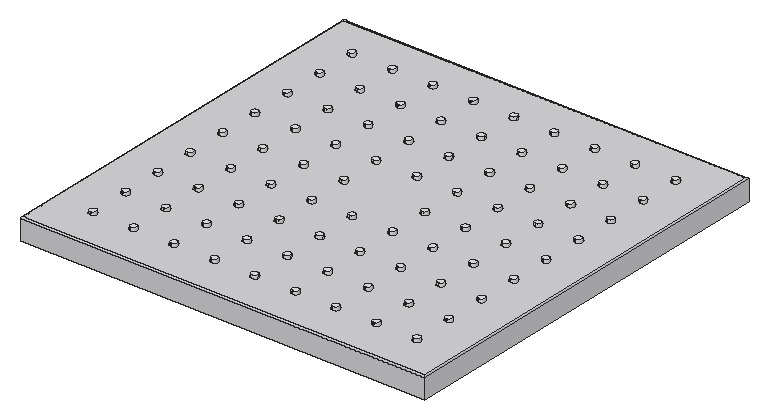
Revit family "Shower-Rainhead-KOHLER-KATALYST-K-13695X", category Plumbing Fixtures, host Face, Revit 2017
Family settings
  Host = Face
  Round Connector Dimension = Use Diameter
  Part Type = Normal
  OmniClass Number = 23.31.17.00
  Cut with Voids When Loaded = No
  Shared = No
  Room Calculation Point = No
Parameters (values of type "CP-Polished Chrome")
  Width = 7 127/128"  # constant formula
  WaterSense Certified = 1 = 0  # no
  Waste Water Outlet = "Waste Water Outlet"  # constant formula
  Waste Connection = 1 = 0  # no
  Vent Connection = 1 = 0  # no
  URL = "https://www.kohler.co.th/en"
  Type = 1
  Tempered Water Inlet = "Tempered Water Inlet"  # constant formula
  Product Page URL = "https://www.kohler.co.th/productDetails/13695X?skuid=13695X-CP"
  Product Name = "Katalyst"  # constant formula
  Product Documentation Link = "http://resources.kohler.com/plumbing/kohlerapac/pdf/X2-K-13695X-CP.pdf"
  Pressure = 72.519 psi  # constant formula
  Panel Thickness = 0"
  Model = "K-13695X-CP"  # constant formula
  Material = "Brass Construction"  # constant formula
  Master Format 2014 Name = "Residential Showers"  # constant formula
  Master Format 2014 = "22 42 23"  # constant formula
  Manufacturer Address = "16th Floor, Jasmine City Building 2, Soi Sukhumvit 23, Sukhumvit Road, Khlong Toei Nuea, Watthana, Bangkok 10110"  # constant formula
  Manufacturer = "KOHLER Co."  # constant formula
  Length = 7 127/128"  # constant formula
  Hot Water Inlet = "Hot Water Inlet"  # constant formula
  Height = 2 143/256"  # constant formula
  HW Connection = 1 = 1  # yes
  Flow Rate = 0 GPM
  Finish = Kohler-Metal-CP-Polished_Chrome
  Environmental Product Declaration = ""
  Drain Included = 1 = 0  # no
  Description = "Catalina shower, 8inch square shape"  # constant formula
  Default Elevation = 0"
  Declare Label = ""
  Date Modified = "07/24/2020"  # constant formula
  Date Created = "07/24/2020"  # constant formula
  Copyright = "Copyright KOHLER Co."  # constant formula
  Contact Us = "https://www.kohler.co.th/en/contact-us"
  Cold Water Inlet = "Cold Water Inlet"  # constant formula
  CW Connection = 1 = 0  # no
  Assembly Code = "D2010700"
  ADA Compliant = 1 = 0  # no
Reference planes (in)
  plane 1 "Center (Front/Back)": y = 0
  plane 2: z = 0
  plane 3 "Center (Left/Right)": x = 0
  plane 4: x = -3.996063
  plane 5: x = -0.7185038
  plane 6: x = -0.4949999
  plane 7: x = 3.9961245
  plane 8: x = 0.7185038
  plane 9: x = 0.4949999
  plane 10: y = 3.996063
  plane 11: y = 0.7185038
  plane 12: y = 0.4949999
  plane 13: y = -3.9961245
  plane 14: y = -0.7185038
  plane 15: y = -0.4949999
  plane 16: z = 2.5585937
  plane 17: z = 1.2065354
  plane 18: z = 2.0766145
Dimensions and locks (in)
  "Width": plane 4 to plane 7
  "Length": plane 10 to plane 13
  "Height": level to plane 16
  aligned and locked: plane 2 to host face
  aligned and locked: level to host face
  aligned and locked: plane 3 "Center (Left/Right)" to nested 1
  aligned and locked: plane 1 "Center (Front/Back)" to nested 1
Automatic sketch dimensions
  host sketch curve to host sketch curve = 96"  (x2)
Nested families (in)
  nested 1: "K-13695X" at (0, 0, 0), type "K-13695X"
Connectors (in)
  piping at (0, 0, 0), diameter 0.5, driven by "Flow Rate", driven by "Pressure", driven by "HW Connection", driven by "Tempered Water Inlet"
    settings: on nested 1, index 1, connector inside diameter 24", connector length 0", flow factor 0, pipe flow 0 GPM, pressure drop 72.519 psi, fitting loss kfactor 0, connector angle 0.00°, fixture units 0, engagement length 0", angle of deflection 0.00°, flow configuration 0, flow direction 1, fitting loss method 4, system type 19, joint type 0, gender type 0, connector reference index -1, connector utility 1, adjustable connector no, is connector primary yes, connector description "Tempered Water Inlet"
Definition of nested family "K-13695X"
  Parameters (values of type "K-13695X")
    Material = none
  Reference planes (in)
    plane 1 "Center (Front/Back)": y = 0
    plane 2: z = 0
    plane 3 "Center (Left/Right)": x = 0
    plane 4: x = -3.996063
    plane 5: x = 3.996063
    plane 6: y = 3.996063
    plane 7: y = -3.996063
    plane 8: z = 2.5590551
    plane 9: z = 1.2065354
    plane 10: y = 0.4949999
    plane 11: y = -0.4949999
    plane 12: x = 0.4949999
    plane 13: x = -0.4949999
    plane 14: x = -0.7185038
    plane 15: x = 0.7185038
    plane 16: y = 0.7185038
    plane 17: y = -0.7185038
  Forms (in)
    Revolve 1, solid, material <- "Material", detail levels medium+fine
      sketch origin (0, 0, 0) x (0, 1, 0) y (0, 0, 1)
        loop
          line (0, 2.091672) -> (-0.7185038, 2.091672) -> (-0.7185038, 1.2065354) -> (-0.4441532, 1.2065354)
          arc (-0.4441532, 1.2065354) -> (-0.3955146, 1.1396082) -> (-0.3359782, 1.0821591) r 0.4739368
          arc (-0.3359782, 1.0821591) -> (-0.3108609, 1.0181229) -> (-0.3530283, 0.9637774) r 0.0696027
          arc (-0.3530283, 0.9637774) -> (-0.4562491, 0.8788874) -> (-0.495, 0.7509843) r 0.2304574
          line (-0.495, 0.7509843) -> (-0.495, 0.0228765)
          arc (-0.495, 0.0228765) -> (-0.4882996, 0.0067004) -> (-0.4721235, 0) r 0.0228765
          line (-0.4721235, 0) -> (0, 0) -> (0, 2.091672)
        axis (0, 2.091672) -> (0, 0)
      angle from 0 to 360
    Extrusion 2, void
      sketch origin (0, 0, 0) x (0, 1, 0) y (0, 0, 1)
        loop
          line (0.1949037, 0.1843319) -> (0.1949039, 0.7408901)
          arc (0.1949039, 0.7408901) -> (0.1767799, 0.8058173) -> (0.1276484, 0.8519706) r 0.125359
          arc (0.1276484, 0.8519706) -> (0.0657231, 0.8753822) -> (0, 0.8833394) r 0.2754029
          arc (0, 0.8833394) -> (-0.064471, 0.8756868) -> (-0.1253591, 0.8531545) r 0.2754029
          arc (-0.1253591, 0.8531545) -> (-0.1746555, 0.8074934) -> (-0.192873, 0.7428158) r 0.1239207
          line (-0.192873, 0.7428158) -> (-0.192873, 0.183977)
          arc (-0.192873, 0.183977) -> (-0.1881789, 0.1687875) -> (-0.1757333, 0.1588947) r 0.0269227
          arc (-0.1757333, 0.1588947) -> (0.0010312, 0.125715) -> (0.1777427, 0.1591755) r 0.4853916
          arc (0.1777427, 0.1591755) -> (0.1902049, 0.1691057) -> (0.1949037, 0.1843319) r 0.027019
      from 0.4464726 to 0.5295908
    Extrusion 3, void
      sketch origin (0, 0, 0) x (0, 1, 0) y (0, 0, -1)
        loop
          arc (0.1949037, -0.1843319) -> (0.1902049, -0.1691057) -> (0.1777427, -0.1591755) r 0.027019
          arc (0.1777427, -0.1591755) -> (0.0010312, -0.125715) -> (-0.1757333, -0.1588947) r 0.4853916
          arc (-0.1757333, -0.1588947) -> (-0.1881789, -0.1687875) -> (-0.192873, -0.183977) r 0.0269227
          line (-0.192873, -0.183977) -> (-0.192873, -0.7428158)
          arc (-0.192873, -0.7428158) -> (-0.1746555, -0.8074934) -> (-0.1253591, -0.8531545) r 0.1239207
          arc (-0.1253591, -0.8531545) -> (-0.064471, -0.8756868) -> (0, -0.8833394) r 0.2754029
          arc (0, -0.8833394) -> (0.0657231, -0.8753822) -> (0.1276484, -0.8519706) r 0.2754029
          arc (0.1276484, -0.8519706) -> (0.1767799, -0.8058173) -> (0.1949039, -0.7408901) r 0.125359
          line (0.1949039, -0.7408901) -> (0.1949037, -0.1843319)
      from 0.4464726 to 0.5295908
    Extrusion 4, void
      sketch origin (0, 0, 0) x (1, 0, 0) y (0, 0, 1)
        loop
          line (-0.2038614, 1.6789764) -> (-0.2038614, 1.1948167) -> (0.2038614, 1.1948167) -> (0.2038614, 1.6789764) -> (-0.2038614, 1.6789764)
      from 0.6889764 to 0.7565506
    Extrusion 5, void
      sketch origin (0, 0, 0) x (1, 0, 0) y (0, 0, -1)
        loop
          line (-0.2038614, -1.6789764) -> (0.2038614, -1.6789764) -> (0.2038614, -1.1948167) -> (-0.2038614, -1.1948167) -> (-0.2038614, -1.6789764)
      from 0.6889764 to 0.7565506
    Sweep 6, solid, material <- "Material", detail levels medium+fine
      path origin (0, 0, 0) x (1, 0, 0) y (0, 1, 0)
        loop
          line (-4, 4) -> (-4, -4) -> (4, -4) -> (4, 4) -> (-4, 4)
      profile origin (-4, 0, 0) x (1, 0, 0) y (0, 0, 1)
        loop
          arc (0.03125, 2.5098425) -> (0.0091529, 2.5006896) -> (0, 2.4785925) r 0.03125
          line (0, 2.4785925) -> (0, 2.0833071) -> (0.3870368, 2.0833071) -> (0.3870368, 2.5098425) -> (0.03125, 2.5098425)
    Extrusion 7, solid, material <- "Material", detail levels medium+fine
      sketch origin (0, 0, 0) x (1, 0, 0) y (0, 1, 0)
        loop
          line (-3.6129632, -3.6129632) -> (3.6129632, -3.6129632) -> (3.6129632, 3.6129632) -> (-3.6129632, 3.6129632) -> (-3.6129632, -3.6129632)
      from 2.0833071 to 2.5098425
    Extrusion 8, void
      sketch origin (0, 0, 0) x (1, 0, 0) y (0, 1, 0)
        loop
          circle (0.8007813, 0) r 0.074277
        loop
          circle (1.6015625, 0) r 0.074277
        loop
          circle (2.4023438, 0) r 0.074277
        loop
          circle (3.203125, 0) r 0.074277
        loop
          circle (3.203125, -0.8007813) r 0.074277
        loop
          circle (2.4023438, -0.8007813) r 0.074277
        loop
          circle (1.6015625, -0.8007813) r 0.074277
        loop
          circle (0.8007813, -0.8007813) r 0.074277
        loop
          circle (0.8007813, -1.6015625) r 0.074277
        loop
          circle (1.6015625, -1.6015625) r 0.074277
        loop
          circle (2.4023438, -1.6015625) r 0.074277
        loop
          circle (3.203125, -1.6015625) r 0.074277
        loop
          circle (2.4023438, -2.4023438) r 0.074277
        loop
          circle (1.6015625, -2.4023438) r 0.074277
        loop
          circle (0.8007813, -2.4023438) r 0.074277
        loop
          circle (0.8007813, -3.203125) r 0.074277
        loop
          circle (1.6015625, -3.203125) r 0.074277
        loop
          circle (2.4023438, -3.203125) r 0.074277
        loop
          circle (3.203125, -3.203125) r 0.074277
        loop
          circle (3.203125, -2.4023438) r 0.074277
        loop
          circle (-3.203125, -0.8007813) r 0.074277
        loop
          circle (-2.4023437, -0.8007813) r 0.074277
        loop
          circle (-1.6015625, -0.8007813) r 0.074277
        loop
          circle (-0.8007812, -0.8007813) r 0.074277
        loop
          circle (-0.8007812, -1.6015625) r 0.074277
        loop
          circle (-1.6015625, -1.6015625) r 0.074277
        loop
          circle (-2.4023437, -1.6015625) r 0.074277
        loop
          circle (-3.203125, -1.6015625) r 0.074277
        loop
          circle (-2.4023437, -2.4023438) r 0.074277
        loop
          circle (-1.6015625, -2.4023438) r 0.074277
        loop
          circle (-0.8007812, -2.4023438) r 0.074277
        loop
          circle (-0.8007812, -3.203125) r 0.074277
        loop
          circle (-1.6015625, -3.203125) r 0.074277
        loop
          circle (-2.4023437, -3.203125) r 0.074277
        loop
          circle (-3.203125, -3.203125) r 0.074277
        loop
          circle (-3.203125, -2.4023438) r 0.074277
        loop
          circle (-3.203125, 0.8007812) r 0.074277
        loop
          circle (-2.4023437, 0.8007812) r 0.074277
        loop
          circle (-1.6015625, 0.8007812) r 0.074277
        loop
          circle (-0.8007812, 0.8007812) r 0.074277
        loop
          circle (-0.8007812, 1.6015625) r 0.074277
        loop
          circle (-1.6015625, 1.6015625) r 0.074277
        loop
          circle (-2.4023437, 1.6015625) r 0.074277
        loop
          circle (-3.203125, 1.6015625) r 0.074277
        loop
          circle (-2.4023437, 2.4023437) r 0.074277
        loop
          circle (-1.6015625, 2.4023437) r 0.074277
        loop
          circle (-0.8007812, 2.4023437) r 0.074277
        loop
          circle (-0.8007812, 3.203125) r 0.074277
        loop
          circle (-1.6015625, 3.203125) r 0.074277
        loop
          circle (-2.4023437, 3.203125) r 0.074277
        loop
          circle (-3.203125, 3.203125) r 0.074277
        loop
          circle (-3.203125, 2.4023437) r 0.074277
        loop
          circle (3.203125, 0.8007812) r 0.074277
        loop
          circle (2.4023438, 0.8007812) r 0.074277
        loop
          circle (1.6015625, 0.8007812) r 0.074277
        loop
          circle (0.8007813, 0.8007812) r 0.074277
        loop
          circle (0.8007813, 1.6015625) r 0.074277
        loop
          circle (1.6015625, 1.6015625) r 0.074277
        loop
          circle (2.4023438, 1.6015625) r 0.074277
        loop
          circle (3.203125, 1.6015625) r 0.074277
        loop
          circle (2.4023438, 2.4023437) r 0.074277
        loop
          circle (1.6015625, 2.4023437) r 0.074277
        loop
          circle (0.8007813, 2.4023437) r 0.074277
        loop
          circle (0.8007813, 3.203125) r 0.074277
        loop
          circle (1.6015625, 3.203125) r 0.074277
        loop
          circle (2.4023438, 3.203125) r 0.074277
        loop
          circle (3.203125, 3.203125) r 0.074277
        loop
          circle (3.203125, 2.4023437) r 0.074277
        loop
          circle (-0.8007813, 0) r 0.074277
        loop
          circle (-1.6015625, 0) r 0.074277
        loop
          circle (-2.4023438, 0) r 0.074277
        loop
          circle (-3.203125, 0) r 0.074277
        loop
          circle (0, 3.203125) r 0.074277
        loop
          circle (0, 2.4023437) r 0.074277
        loop
          circle (0, 1.6015625) r 0.074277
        loop
          circle (0, 0.8007812) r 0.074277
        loop
          circle (0, -3.203125) r 0.074277
        loop
          circle (0, -2.4023437) r 0.074277
        loop
          circle (0, -1.6015625) r 0.074277
        loop
          circle (0, -0.8007812) r 0.074277
      from 2.4041414 to 2.6800037
    Extrusion 9, solid, material <- "Material", detail levels coarse
      sketch origin (0, 0, 0) x (1, 0, 0) y (0, 1, 0)
        loop
          circle (0, 0) r 0.7262627
      from 0 to 2.2734646
    Extrusion 10, solid, material <- "Material", detail levels coarse
      sketch origin (0, 0, 0) x (1, 0, 0) y (0, 1, 0)
        loop
          line (-4, 4) -> (-4, -4) -> (4, -4) -> (4, 4) -> (-4, 4)
      from 2.0833071 to 2.5098425
    Extrusion 11, solid, detail levels medium+fine
      sketch origin (0, 0, 0) x (1, 0, 0) y (0, 1, 0)
        loop
          circle (-3.2, 3.1986313) r 0.0639382
        loop
          circle (-2.4, 3.1986313) r 0.0639382
        loop
          circle (-1.6, 3.1986313) r 0.0639382
        loop
          circle (-0.8, 3.1986313) r 0.0639382
        loop
          circle (0, 3.1986313) r 0.0643354
        loop
          circle (0.8, 3.1986313) r 0.0639382
        loop
          circle (1.6, 3.1986313) r 0.0639382
        loop
          circle (2.4, 3.1986313) r 0.0639382
        loop
          circle (3.2, 3.1986313) r 0.0639382
        loop
          circle (3.2, 2.3986313) r 0.0639382
        loop
          circle (2.4, 2.3986313) r 0.0639382
        loop
          circle (1.6, 2.3986313) r 0.0639382
        loop
          circle (0.8, 2.3986313) r 0.0639382
        loop
          circle (0, 2.3986313) r 0.0642809
        loop
          circle (-0.8, 2.3986313) r 0.0639382
        loop
          circle (-1.6, 2.3986313) r 0.0639382
        loop
          circle (-2.4, 2.3986313) r 0.0639382
        loop
          circle (-3.2, 2.3986313) r 0.0639382
        loop
          circle (-3.2, 1.5986313) r 0.0639382
        loop
          circle (-2.4, 1.5986313) r 0.0639382
        loop
          circle (-1.6, 1.5986313) r 0.0639382
        loop
          circle (-0.8, 1.5986313) r 0.0639382
        loop
          circle (0, 1.5986313) r 0.0640079
        loop
          circle (0.8, 1.5986313) r 0.0639382
        loop
          circle (1.6, 1.5986313) r 0.0639382
        loop
          circle (2.4, 1.5986313) r 0.0639382
        loop
          circle (3.2, 1.5986313) r 0.0639382
        loop
          circle (3.2, 0.7986313) r 0.0639382
        loop
          circle (2.4, 0.7986313) r 0.0639382
        loop
          circle (1.6, 0.7986313) r 0.0639382
        loop
          circle (1.6, 0.0013687) r 0.0639382
        loop
          circle (2.4, 0.0013687) r 0.0639382
        loop
          circle (3.2, 0.0013687) r 0.0639382
        loop
          circle (0.8, 0.7986313) r 0.0639382
        loop
          circle (0.8, 0.0013687) r 0.0639382
        loop
          circle (0, 0.7986313) r 0.0639382
        loop
          circle (-0.8, 0.0013687) r 0.0639382
        loop
          circle (-0.8, 0.7986313) r 0.0639382
        loop
          circle (-1.6, 0.0013687) r 0.0639382
        loop
          circle (-1.6, 0.7986313) r 0.0639382
        loop
          circle (-2.4, 0.7986313) r 0.0639382
        loop
          circle (-2.4, 0.0013687) r 0.0639382
        loop
          circle (-3.2, 0.7986313) r 0.0639382
        loop
          circle (-3.2, 0.0013687) r 0.0639382
        loop
          circle (-3.2, -3.1986313) r 0.0639382
        loop
          circle (-2.4, -3.1986313) r 0.0639382
        loop
          circle (-1.6, -3.1986313) r 0.0639382
        loop
          circle (-0.8, -3.1986313) r 0.0639382
        loop
          circle (0, -3.1986313) r 0.0643354
        loop
          circle (0.8, -3.1986313) r 0.0639382
        loop
          circle (1.6, -3.1986313) r 0.0639382
        loop
          circle (2.4, -3.1986313) r 0.0639382
        loop
          circle (3.2, -3.1986313) r 0.0639382
        loop
          circle (3.2, -2.3986313) r 0.0639382
        loop
          circle (2.4, -2.3986313) r 0.0639382
        loop
          circle (1.6, -2.3986313) r 0.0639382
        loop
          circle (0.8, -2.3986313) r 0.0639382
        loop
          circle (0, -2.3986313) r 0.0642809
        loop
          circle (-0.8, -2.3986313) r 0.0639382
        loop
          circle (-1.6, -2.3986313) r 0.0639382
        loop
          circle (-2.4, -2.3986313) r 0.0639382
        loop
          circle (-3.2, -2.3986313) r 0.0639382
        loop
          circle (-3.2, -1.5986313) r 0.0639382
        loop
          circle (-2.4, -1.5986313) r 0.0639382
        loop
          circle (-1.6, -1.5986313) r 0.0639382
        loop
          circle (-0.8, -1.5986313) r 0.0639382
        loop
          circle (0, -1.5986313) r 0.0640079
        loop
          circle (0.8, -1.5986313) r 0.0639382
        loop
          circle (1.6, -1.5986313) r 0.0639382
        loop
          circle (2.4, -1.5986313) r 0.0639382
        loop
          circle (3.2, -1.5986313) r 0.0639382
        loop
          circle (3.2, -0.7986313) r 0.0639382
        loop
          circle (2.4, -0.7986313) r 0.0639382
        loop
          circle (1.6, -0.7986313) r 0.0639382
        loop
          circle (0.8, -0.7986313) r 0.0639382
        loop
          circle (0, -0.7986313) r 0.0639382
        loop
          circle (-0.8, -0.7986313) r 0.0639382
        loop
          circle (-1.6, -0.7986313) r 0.0639382
        loop
          circle (-2.4, -0.7986313) r 0.0639382
        loop
          circle (-3.2, -0.7986313) r 0.0639382
      from 2.4041414 to 2.5590551
    Extrusion 12, solid, material <- "Material", detail levels medium+fine
      sketch origin (0, 0, 0) x (1, 0, 0) y (0, 1, 0)
        loop
          circle (0, 0) r 0.0385249
      from 0 to 0.0631716
  Cuts and joins
    Extrusion 2, Extrusion 3, Extrusion 4, Extrusion 5 cuts Revolve 1
    Extrusion 8 cuts Sweep 6
    Extrusion 8 cuts Extrusion 7
    joined: Revolve 1, Sweep 6, Extrusion 7
    joined: Extrusion 9, Extrusion 10
  Lines and regions (in)
    Masking region 1
      outline origin (0, 0, 0) x (1, 0, 0) y (0, 0, 1)
        loop
          line (-3.2639382, 2.5590551) -> (-3.2639382, 2.5090551) -> (-3.9704177, 2.5090551)
          arc (-3.9704177, 2.5090551) -> (-3.9852316, 2.5050787) -> (-3.996063, 2.4942184) r 0.0295823
          line (-3.996063, 2.4942184) -> (-3.996063, 2.0766142) -> (-0.7185038, 2.0766142) -> (-0.7185038, 1.2065354) -> (-0.4430805, 1.2065354)
          arc (-0.4430805, 1.2065354) -> (-0.4120195, 1.1599688) -> (-0.3747725, 1.118185) r 0.4007034
          arc (-0.3747725, 1.118185) -> (-0.3540085, 1.098382) -> (-0.3328092, 1.0790458) r 1.289815
          arc (-0.3328092, 1.0790458) -> (-0.3109609, 1.0176019) -> (-0.3509435, 0.966084) r 0.0679102
          arc (-0.3509435, 0.966084) -> (-0.4093364, 0.9304909) -> (-0.4558782, 0.8803865) r 0.24961
          line (-0.4558782, 0.8803865) -> (-0.4558782, 0.182729)
          arc (-0.4558782, 0.182729) -> (-0.4588651, 0.1673631) -> (-0.4673906, 0.1542349) r 0.0410189
          line (-0.4673906, 0.1542349) -> (-0.4950045, 0.1256399) -> (-0.4950045, 0.0225493)
          arc (-0.4950045, 0.0225493) -> (-0.4884, 0.0066045) -> (-0.4724552, 0) r 0.0225493
          line (-0.4724552, 0) -> (0.4724552, 0)
          arc (0.4724552, 0) -> (0.4884, 0.0066045) -> (0.4950045, 0.0225493) r 0.0225493
          line (0.4950045, 0.0225493) -> (0.4950045, 0.1256399) -> (0.4673906, 0.1542349)
          arc (0.4673906, 0.1542349) -> (0.4588651, 0.1673631) -> (0.4558782, 0.182729) r 0.0410189
          line (0.4558782, 0.182729) -> (0.4558782, 0.8803865)
          arc (0.4558782, 0.8803865) -> (0.4093364, 0.9304909) -> (0.3509435, 0.966084) r 0.24961
          arc (0.3509435, 0.966084) -> (0.3109609, 1.0176019) -> (0.3328092, 1.0790458) r 0.0679102
          arc (0.3328092, 1.0790458) -> (0.3540085, 1.098382) -> (0.3747725, 1.118185) r 1.289815
          arc (0.3747725, 1.118185) -> (0.4120195, 1.1599688) -> (0.4430805, 1.2065354) r 0.4007034
          line (0.4430805, 1.2065354) -> (0.7185038, 1.2065354) -> (0.7185038, 2.0766142) -> (3.996063, 2.0766142) -> (3.996063, 2.4942184)
          arc (3.996063, 2.4942184) -> (3.9852316, 2.5050787) -> (3.9704177, 2.5090551) r 0.0295823
          line (3.9704177, 2.5090551) -> (3.2639382, 2.5090551) -> (3.2639382, 2.5590551) -> (3.1360618, 2.5590551) -> (3.1360618, 2.5090551) -> (2.4639382, 2.5090551) -> (2.4639382, 2.5590551) -> (2.3360618, 2.5590551) -> (2.3360618, 2.5090551) -> (1.6639382, 2.5090551) -> (1.6639382, 2.5590551) -> (1.5360618, 2.5590551) -> (1.5360618, 2.5090551) -> (0.8639382, 2.5090551) -> (0.8639382, 2.5590551) -> (0.7360618, 2.5590551) -> (0.7360618, 2.5090551) -> (0.0639382, 2.5090551) -> (0.0639382, 2.5590551) -> (-0.0639382, 2.5590551) -> (-0.0639382, 2.5090551) -> (-0.7360618, 2.5090551) -> (-0.7360618, 2.5590551) -> (-0.8639382, 2.5590551) -> (-0.8639382, 2.5090551) -> (-1.5360618, 2.5090551) -> (-1.5360618, 2.5590551) -> (-1.6639382, 2.5590551) -> (-1.6639382, 2.5090551) -> (-2.3360618, 2.5090551) -> (-2.3360618, 2.5590551) -> (-2.4639382, 2.5590551) -> (-2.4639382, 2.5090551) -> (-3.1360618, 2.5090551) -> (-3.1360618, 2.5590551) -> (-3.2639382, 2.5590551)
    Masking region 2
      outline origin (0, 0, 0) x (0, 1, 0) y (0, 0, 1)
        loop
          line (3.2625695, 2.5590551) -> (3.134693, 2.5590551) -> (3.134693, 2.5090551) -> (2.8898292, 2.5090551) -> (2.4625695, 2.5090551) -> (2.4625695, 2.5590551) -> (2.334693, 2.5590551) -> (2.334693, 2.5090551) -> (1.6625695, 2.5090551) -> (1.6625695, 2.5590551) -> (1.534693, 2.5590551) -> (1.534693, 2.5090551) -> (0.8625695, 2.5090551) -> (0.8625695, 2.5590551) -> (0.734693, 2.5590551) -> (0.734693, 2.5090551) -> (0.065307, 2.5090551) -> (0.065307, 2.5590551) -> (-0.0625695, 2.5590551) -> (-0.0625695, 2.5090551) -> (-0.734693, 2.5090551) -> (-0.734693, 2.5590551) -> (-0.8625695, 2.5590551) -> (-0.8625695, 2.5090551) -> (-1.534693, 2.5090551) -> (-1.534693, 2.5590551) -> (-1.6625695, 2.5590551) -> (-1.6625695, 2.5090551) -> (-2.334693, 2.5090551) -> (-2.334693, 2.5590551) -> (-2.4625695, 2.5590551) -> (-2.4625695, 2.5090551) -> (-2.8898292, 2.5090551) -> (-3.134693, 2.5090551) -> (-3.134693, 2.5590551) -> (-3.2625695, 2.5590551) -> (-3.2625695, 2.5090551) -> (-3.9684791, 2.5090551)
          arc (-3.9684791, 2.5090551) -> (-3.9844906, 2.5046856) -> (-3.996063, 2.4927886) r 0.0315209
          line (-3.996063, 2.4927886) -> (-3.996063, 2.0766142) -> (-0.7185038, 2.0766142) -> (-0.7185038, 1.6789764) -> (-0.6874846, 1.6789764) -> (-0.6874846, 1.2065354) -> (-0.4441532, 1.2065354)
          arc (-0.4441532, 1.2065354) -> (-0.3965976, 1.1398247) -> (-0.3372189, 1.0833798) r 0.428653
          arc (-0.3372189, 1.0833798) -> (-0.3111412, 1.0188165) -> (-0.3539019, 0.963862) r 0.0697564
          arc (-0.3539019, 0.963862) -> (-0.456446, 0.8804392) -> (-0.4949999, 0.7539946) r 0.2266262
          line (-0.4949999, 0.7539946) -> (-0.4949999, 0.0233667)
          arc (-0.4949999, 0.0233667) -> (-0.488156, 0.0068439) -> (-0.4716332, 0) r 0.0233667
          line (-0.4716332, 0) -> (0.4716332, 0)
          arc (0.4716332, 0) -> (0.488156, 0.0068439) -> (0.4949999, 0.0233667) r 0.0233667
          line (0.4949999, 0.0233667) -> (0.4949999, 0.7539946)
          arc (0.4949999, 0.7539946) -> (0.456446, 0.8804392) -> (0.3539019, 0.963862) r 0.2266262
          arc (0.3539019, 0.963862) -> (0.3111412, 1.0188165) -> (0.3372189, 1.0833798) r 0.0697564
          arc (0.3372189, 1.0833798) -> (0.3965976, 1.1398247) -> (0.4441532, 1.2065354) r 0.428653
          line (0.4441532, 1.2065354) -> (0.6874846, 1.2065354) -> (0.6874846, 1.6789764) -> (0.7185038, 1.6789764) -> (0.7185038, 2.0766142) -> (3.996063, 2.0766142) -> (3.996063, 2.4927886)
          arc (3.996063, 2.4927886) -> (3.9844906, 2.5046856) -> (3.9684791, 2.5090551) r 0.0315209
          line (3.9684791, 2.5090551) -> (3.2625695, 2.5090551) -> (3.2625695, 2.5590551)
    Masking region 3
      outline origin (0, 0, 0) x (1, 0, 0) y (0, 1, 0)
        loop
          line (3.996063, 3.996063) -> (-3.996063, 3.996063) -> (-3.996063, -3.996063) -> (3.996063, -3.996063) -> (3.996063, 3.996063)
    symbolic lines, detail levels medium+fine
      curve 1: line (-0.203861, 0, 1.2065354) -> (-0.203861, 0, 1.6789764)
      curve 2: line (0.203861, 0, 1.6789764) -> (-0.203861, 0, 1.6789764)
      curve 3: line (0.203861, 0, 1.6789764) -> (0.203861, 0, 1.2065354)
      curve 4: line (-0.4441532, 0, 1.2065354) -> (0.4430805, 0, 1.2065354)
      curve 5: line (-3.2639382, 0, 2.5090549) -> (-3.1360618, 0, 2.5090549)
      curve 6: line (-2.4639382, 0, 2.5090549) -> (-2.3360618, 0, 2.5090549)
      curve 7: line (-1.6639382, 0, 2.5090549) -> (-1.5360618, 0, 2.5090549)
      curve 8: line (-0.8639382, 0, 2.5090549) -> (-0.7360618, 0, 2.5090549)
      curve 9: line (-0.0639382, 0, 2.5090549) -> (0.0639382, 0, 2.5090549)
      curve 10: line (0.7360618, 0, 2.5090549) -> (0.8639382, 0, 2.5090549)
      curve 11: line (1.5360618, 0, 2.5090549) -> (1.6639382, 0, 2.5090549)
      curve 12: line (2.3360618, 0, 2.5090549) -> (2.4639382, 0, 2.5090549)
      curve 13: line (3.1360618, 0, 2.5090549) -> (3.2639382, 0, 2.5090549)
      curve 14: line (0, 0.4441532, 1.2065354) -> (0, -0.4441532, 1.2065354)
      curve 15: arc (0, 0, 0.8833394) -> (0, 0.0657231, 0.8753822) -> (0, 0.1276484, 0.8519706) r 0.2754029
      curve 16: arc (0, 0.1276484, 0.8519706) -> (0, 0.1767799, 0.8058173) -> (0, 0.1949039, 0.7408901) r 0.125359
      curve 17: line (0, 0.1949037, 0.1843319) -> (0, 0.1949039, 0.7408901)
      curve 18: arc (0, 0.1949037, 0.1843319) -> (0, 0.1902049, 0.1691057) -> (0, 0.1777427, 0.1591755) r 0.027019
      curve 19: arc (0, -0.1757333, 0.1588947) -> (0, -0.1881789, 0.1687875) -> (0, -0.192873, 0.183977) r 0.0269227
      curve 20: line (0, -0.192873, 0.7428158) -> (0, -0.192873, 0.183977)
      curve 21: arc (0, -0.192873, 0.7428158) -> (0, -0.1746555, 0.8074934) -> (0, -0.1253591, 0.8531545) r 0.1239207
      curve 22: arc (0, -0.1253591, 0.8531545) -> (0, -0.064471, 0.8756868) -> (0, 0, 0.8833394) r 0.2754029
      curve 23: arc (0, 0.1777427, 0.1591755) -> (0, 0.0010312, 0.125715) -> (0, -0.1757333, 0.1588947) r 0.4853916
      curve 24: line (0, 3.2625695, 2.5090555) -> (0, 3.134693, 2.5090555)
      curve 25: line (0, 2.4625695, 2.5090555) -> (0, 2.334693, 2.5090555)
      curve 26: line (0, 1.6625695, 2.5090555) -> (0, 1.534693, 2.5090555)
      curve 27: line (0, 0.8625695, 2.5090555) -> (0, 0.734693, 2.5090555)
      curve 28: line (0, 0.065307, 2.5090555) -> (0, -0.0625695, 2.5090555)
      curve 29: line (0, -0.734693, 2.5090555) -> (0, -0.8625695, 2.5090555)
      curve 30: line (0, -1.534693, 2.5090555) -> (0, -1.6625695, 2.5090555)
      curve 31: line (0, -2.334693, 2.5090555) -> (0, -2.4625695, 2.5090555)
      curve 32: line (0, -3.134693, 2.5090555) -> (0, -3.2625695, 2.5090555)
      curve 33: line (0, 0.7185038, 2.0766145) -> (0, -0.7185038, 2.0766145)
      curve 34: line (-0.7185038, 0, 2.0766142) -> (0.7185038, 0, 2.0766142)
      curve 35: arc (-3.128848, 3.203125, 0) -> (-3.203125, 3.277402, 0) -> (-3.277402, 3.203125, 0) r 0.074277
      curve 36: arc (-3.277402, 3.203125, 0) -> (-3.203125, 3.128848, 0) -> (-3.128848, 3.203125, 0) r 0.074277
      curve 37: arc (-3.2, 3.2625695, 0) -> (-3.2639382, 3.1986313, 0) -> (-3.2, 3.134693, 0) r 0.0639382
      curve 38: arc (-3.2, 3.134693, 0) -> (-3.1360618, 3.1986313, 0) -> (-3.2, 3.2625695, 0) r 0.0639382
      curve 39: arc (-3.128848, 2.4023437, 0) -> (-3.203125, 2.4766208, 0) -> (-3.277402, 2.4023437, 0) r 0.074277
      curve 40: arc (-3.2, 2.4625695, 0) -> (-3.2639382, 2.3986313, 0) -> (-3.2, 2.334693, 0) r 0.0639382
      curve 41: arc (-3.2, 2.334693, 0) -> (-3.1360618, 2.3986313, 0) -> (-3.2, 2.4625695, 0) r 0.0639382
      curve 42: arc (-3.277402, 2.4023437, 0) -> (-3.203125, 2.3280667, 0) -> (-3.128848, 2.4023437, 0) r 0.074277
      curve 43: arc (-3.128848, 1.6015625, 0) -> (-3.203125, 1.6758395, 0) -> (-3.277402, 1.6015625, 0) r 0.074277
      curve 44: arc (-3.277402, 1.6015625, 0) -> (-3.203125, 1.5272855, 0) -> (-3.128848, 1.6015625, 0) r 0.074277
      curve 45: arc (-3.2, 1.6625695, 0) -> (-3.2639382, 1.5986313, 0) -> (-3.2, 1.534693, 0) r 0.0639382
      curve 46: arc (-3.2, 1.534693, 0) -> (-3.1360618, 1.5986313, 0) -> (-3.2, 1.6625695, 0) r 0.0639382
      curve 47: arc (-3.128848, 0.8007812, 0) -> (-3.203125, 0.8750583, 0) -> (-3.277402, 0.8007812, 0) r 0.074277
      curve 48: arc (-3.277402, 0.8007812, 0) -> (-3.203125, 0.7265042, 0) -> (-3.128848, 0.8007812, 0) r 0.074277
      curve 49: arc (-3.2, 0.8625695, 0) -> (-3.2639382, 0.7986313, 0) -> (-3.2, 0.734693, 0) r 0.0639382
      curve 50: arc (-3.2, 0.734693, 0) -> (-3.1360618, 0.7986313, 0) -> (-3.2, 0.8625695, 0) r 0.0639382
      curve 51: arc (-3.128848, 0, 0) -> (-3.203125, 0.074277, 0) -> (-3.277402, 0, 0) r 0.074277
      curve 52: arc (-3.277402, 0, 0) -> (-3.203125, -0.074277, 0) -> (-3.128848, 0, 0) r 0.074277
      curve 53: circle (-3.2, 0.0013687, 0) r 0.0639382 normal (0, 0, -1)
      curve 54: arc (-2.3280667, 2.4023437, 0) -> (-2.4023437, 2.4766208, 0) -> (-2.4766208, 2.4023437, 0) r 0.074277
      curve 55: arc (-2.4766208, 2.4023437, 0) -> (-2.4023437, 2.3280667, 0) -> (-2.3280667, 2.4023437, 0) r 0.074277
      curve 56: arc (-2.4, 2.4625695, 0) -> (-2.4639382, 2.3986313, 0) -> (-2.4, 2.334693, 0) r 0.0639382
      curve 57: arc (-2.4, 2.334693, 0) -> (-2.3360618, 2.3986313, 0) -> (-2.4, 2.4625695, 0) r 0.0639382
      curve 58: arc (-2.3280667, 1.6015625, 0) -> (-2.4023437, 1.6758395, 0) -> (-2.4766208, 1.6015625, 0) r 0.074277
      curve 59: arc (-2.4766208, 1.6015625, 0) -> (-2.4023437, 1.5272855, 0) -> (-2.3280667, 1.6015625, 0) r 0.074277
      curve 60: arc (-2.4, 1.6625695, 0) -> (-2.4639382, 1.5986313, 0) -> (-2.4, 1.534693, 0) r 0.0639382
      curve 61: arc (-2.4, 1.534693, 0) -> (-2.3360618, 1.5986313, 0) -> (-2.4, 1.6625695, 0) r 0.0639382
      curve 62: arc (-2.3280667, 0.8007812, 0) -> (-2.4023437, 0.8750583, 0) -> (-2.4766208, 0.8007812, 0) r 0.074277
      curve 63: arc (-2.4, 0.8625695, 0) -> (-2.4639382, 0.7986313, 0) -> (-2.4, 0.734693, 0) r 0.0639382
      curve 64: arc (-2.4, 0.734693, 0) -> (-2.3360618, 0.7986313, 0) -> (-2.4, 0.8625695, 0) r 0.0639382
      curve 65: arc (-2.4766208, 0.8007812, 0) -> (-2.4023437, 0.7265042, 0) -> (-2.3280667, 0.8007812, 0) r 0.074277
      curve 66: arc (-2.3280667, 0, 0) -> (-2.4023438, 0.074277, 0) -> (-2.4766208, 0, 0) r 0.074277
      curve 67: arc (-2.4766208, 0, 0) -> (-2.4023438, -0.074277, 0) -> (-2.3280667, 0, 0) r 0.074277
      curve 68: circle (-2.4, 0.0013687, 0) r 0.0639382 normal (0, 0, -1)
      curve 69: circle (-1.6, 0.0013687, 0) r 0.0639382 normal (0, 0, -1)
      curve 70: circle (-0.8, 0.0013687, 0) r 0.0639382 normal (0, 0, -1)
      curve 71: circle (0, 0.7986313, 0) r 0.0639382 normal (0, 0, -1)
      curve 72: circle (0, 3.1986313, 0) r 0.0643354 normal (0, 0, 1)
      curve 73: circle (0, 2.3986313, 0) r 0.0642809 normal (0, 0, 1)
      curve 74: circle (0, 1.5986313, 0) r 0.0640079 normal (0, 0, 1)
      curve 75: arc (-1.6758395, 0.8007812, 0) -> (-1.6015625, 0.7265042, 0) -> (-1.5272855, 0.8007812, 0) r 0.074277
      curve 76: arc (-1.5272855, 0.8007812, 0) -> (-1.6015625, 0.8750583, 0) -> (-1.6758395, 0.8007812, 0) r 0.074277
      curve 77: arc (-1.6, 0.734693, 0) -> (-1.5360618, 0.7986313, 0) -> (-1.6, 0.8625695, 0) r 0.0639382
      curve 78: arc (-1.6, 0.8625695, 0) -> (-1.6639382, 0.7986313, 0) -> (-1.6, 0.734693, 0) r 0.0639382
      curve 79: arc (-1.5272855, 1.6015625, 0) -> (-1.6015625, 1.6758395, 0) -> (-1.6758395, 1.6015625, 0) r 0.074277
      curve 80: arc (-1.6758395, 1.6015625, 0) -> (-1.6072274, 1.5275018, 0) -> (-1.5281496, 1.5902657, 0) r 0.074277
      curve 81: arc (-1.6, 1.534693, 0) -> (-1.5360618, 1.5986313, 0) -> (-1.6, 1.6625695, 0) r 0.0639382
      curve 82: arc (-1.6, 1.6625695, 0) -> (-1.6639382, 1.5986313, 0) -> (-1.6, 1.534693, 0) r 0.0639382
      curve 83: arc (-1.5272855, 2.4023437, 0) -> (-1.6015625, 2.4766208, 0) -> (-1.6758395, 2.4023437, 0) r 0.074277
      curve 84: arc (-1.6758395, 2.4023437, 0) -> (-1.6015625, 2.3280667, 0) -> (-1.5272855, 2.4023437, 0) r 0.074277
      curve 85: arc (-1.6, 2.334693, 0) -> (-1.5360618, 2.3986313, 0) -> (-1.6, 2.4625695, 0) r 0.0639382
      curve 86: arc (-1.6, 2.4625695, 0) -> (-1.6639382, 2.3986313, 0) -> (-1.6, 2.334693, 0) r 0.0639382
      curve 87: arc (-1.5272855, 3.203125, 0) -> (-1.6015625, 3.277402, 0) -> (-1.6758395, 3.203125, 0) r 0.074277
      curve 88: arc (-1.6758395, 3.203125, 0) -> (-1.6015625, 3.128848, 0) -> (-1.5272855, 3.203125, 0) r 0.074277
      curve 89: arc (-1.6, 3.134693, 0) -> (-1.5360618, 3.1986313, 0) -> (-1.6, 3.2625695, 0) r 0.0639382
      curve 90: arc (-1.6, 3.2625695, 0) -> (-1.6639382, 3.1986313, 0) -> (-1.6, 3.134693, 0) r 0.0639382
      curve 91: arc (-0.7265042, 3.203125, 0) -> (-0.8007812, 3.277402, 0) -> (-0.8750583, 3.203125, 0) r 0.074277
      curve 92: arc (-0.8750583, 3.203125, 0) -> (-0.8007812, 3.128848, 0) -> (-0.7265042, 3.203125, 0) r 0.074277
      curve 93: arc (-0.8, 3.2625695, 0) -> (-0.8639382, 3.1986313, 0) -> (-0.8, 3.134693, 0) r 0.0639382
      curve 94: arc (-0.8, 3.134693, 0) -> (-0.7360618, 3.1986313, 0) -> (-0.8, 3.2625695, 0) r 0.0639382
      curve 95: arc (-0.7265042, 2.4023437, 0) -> (-0.8007812, 2.4766208, 0) -> (-0.8750583, 2.4023437, 0) r 0.074277
      curve 96: arc (-0.8750583, 2.4023437, 0) -> (-0.8007812, 2.3280667, 0) -> (-0.7265042, 2.4023437, 0) r 0.074277
      curve 97: arc (-0.8, 2.4625695, 0) -> (-0.8639382, 2.3986313, 0) -> (-0.8, 2.334693, 0) r 0.0639382
      curve 98: arc (-0.8, 2.334693, 0) -> (-0.7360618, 2.3986313, 0) -> (-0.8, 2.4625695, 0) r 0.0639382
      curve 99: arc (-0.7265042, 1.6015625, 0) -> (-0.8007812, 1.6758395, 0) -> (-0.8750583, 1.6015625, 0) r 0.074277
      curve 100: arc (-0.8750583, 1.6015625, 0) -> (-0.8007812, 1.5272855, 0) -> (-0.7265042, 1.6015625, 0) r 0.074277
      curve 101: arc (-0.8, 1.6625695, 0) -> (-0.8639382, 1.5986313, 0) -> (-0.8, 1.534693, 0) r 0.0639382
      curve 102: arc (-0.8, 1.534693, 0) -> (-0.7360618, 1.5986313, 0) -> (-0.8, 1.6625695, 0) r 0.0639382
      curve 103: arc (-0.7265042, 0.8007812, 0) -> (-0.8007812, 0.8750583, 0) -> (-0.8750583, 0.8007812, 0) r 0.074277
      curve 104: arc (-0.8750583, 0.8007812, 0) -> (-0.8007812, 0.7265042, 0) -> (-0.7265042, 0.8007812, 0) r 0.074277
      curve 105: arc (-0.8, 0.8625695, 0) -> (-0.8639382, 0.7986313, 0) -> (-0.8, 0.734693, 0) r 0.0639382
      curve 106: arc (-0.8, 0.734693, 0) -> (-0.7360618, 0.7986313, 0) -> (-0.8, 0.8625695, 0) r 0.0639382
      curve 107: arc (-2.3280667, 3.203125, 0) -> (-2.4023437, 3.277402, 0) -> (-2.4766208, 3.203125, 0) r 0.074277
      curve 108: arc (-2.4766208, 3.203125, 0) -> (-2.4023437, 3.128848, 0) -> (-2.3280667, 3.203125, 0) r 0.074277
      curve 109: arc (-2.4, 3.2625695, 0) -> (-2.4639382, 3.1986313, 0) -> (-2.4, 3.134693, 0) r 0.0639382
      curve 110: arc (-2.4, 3.134693, 0) -> (-2.3360618, 3.1986313, 0) -> (-2.4, 3.2625695, 0) r 0.0639382
      curve 111: arc (-3.128848, -3.203125, 0) -> (-3.203125, -3.277402, 0) -> (-3.277402, -3.203125, 0) r 0.074277
      curve 112: arc (-3.277402, -3.203125, 0) -> (-3.203125, -3.128848, 0) -> (-3.128848, -3.203125, 0) r 0.074277
      curve 113: arc (-3.2, -3.2625695, 0) -> (-3.2639382, -3.1986313, 0) -> (-3.2, -3.134693, 0) r 0.0639382
      curve 114: arc (-3.2, -3.134693, 0) -> (-3.1360618, -3.1986313, 0) -> (-3.2, -3.2625695, 0) r 0.0639382
      curve 115: arc (-3.128848, -2.4023437, 0) -> (-3.203125, -2.4766208, 0) -> (-3.277402, -2.4023437, 0) r 0.074277
      curve 116: arc (-3.2, -2.4625695, 0) -> (-3.2639382, -2.3986313, 0) -> (-3.2, -2.334693, 0) r 0.0639382
      curve 117: arc (-3.2, -2.334693, 0) -> (-3.1360618, -2.3986313, 0) -> (-3.2, -2.4625695, 0) r 0.0639382
      curve 118: arc (-3.277402, -2.4023437, 0) -> (-3.203125, -2.3280667, 0) -> (-3.128848, -2.4023437, 0) r 0.074277
      curve 119: arc (-3.128848, -1.6015625, 0) -> (-3.203125, -1.6758395, 0) -> (-3.277402, -1.6015625, 0) r 0.074277
      curve 120: arc (-3.277402, -1.6015625, 0) -> (-3.203125, -1.5272855, 0) -> (-3.128848, -1.6015625, 0) r 0.074277
      curve 121: arc (-3.2, -1.6625695, 0) -> (-3.2639382, -1.5986313, 0) -> (-3.2, -1.534693, 0) r 0.0639382
      curve 122: arc (-3.2, -1.534693, 0) -> (-3.1360618, -1.5986313, 0) -> (-3.2, -1.6625695, 0) r 0.0639382
      curve 123: arc (-3.128848, -0.8007812, 0) -> (-3.203125, -0.8750583, 0) -> (-3.277402, -0.8007812, 0) r 0.074277
      curve 124: arc (-3.277402, -0.8007812, 0) -> (-3.203125, -0.7265042, 0) -> (-3.128848, -0.8007812, 0) r 0.074277
      curve 125: arc (-3.2, -0.8625695, 0) -> (-3.2639382, -0.7986313, 0) -> (-3.2, -0.734693, 0) r 0.0639382
      curve 126: arc (-3.2, -0.734693, 0) -> (-3.1360618, -0.7986313, 0) -> (-3.2, -0.8625695, 0) r 0.0639382
      curve 127: arc (-2.3280667, -2.4023437, 0) -> (-2.4023437, -2.4766208, 0) -> (-2.4766208, -2.4023437, 0) r 0.074277
      curve 128: arc (-2.4766208, -2.4023437, 0) -> (-2.4023437, -2.3280667, 0) -> (-2.3280667, -2.4023437, 0) r 0.074277
      curve 129: arc (-2.4, -2.4625695, 0) -> (-2.4639382, -2.3986313, 0) -> (-2.4, -2.334693, 0) r 0.0639382
      curve 130: arc (-2.4, -2.334693, 0) -> (-2.3360618, -2.3986313, 0) -> (-2.4, -2.4625695, 0) r 0.0639382
      curve 131: arc (-2.3280667, -1.6015625, 0) -> (-2.4023437, -1.6758395, 0) -> (-2.4766208, -1.6015625, 0) r 0.074277
      curve 132: arc (-2.4766208, -1.6015625, 0) -> (-2.4023437, -1.5272855, 0) -> (-2.3280667, -1.6015625, 0) r 0.074277
      curve 133: arc (-2.4, -1.6625695, 0) -> (-2.4639382, -1.5986313, 0) -> (-2.4, -1.534693, 0) r 0.0639382
      curve 134: arc (-2.4, -1.534693, 0) -> (-2.3360618, -1.5986313, 0) -> (-2.4, -1.6625695, 0) r 0.0639382
      curve 135: arc (-2.3280667, -0.8007812, 0) -> (-2.4023437, -0.8750583, 0) -> (-2.4766208, -0.8007812, 0) r 0.074277
      curve 136: arc (-2.4, -0.8625695, 0) -> (-2.4639382, -0.7986313, 0) -> (-2.4, -0.734693, 0) r 0.0639382
      curve 137: arc (-2.4, -0.734693, 0) -> (-2.3360618, -0.7986313, 0) -> (-2.4, -0.8625695, 0) r 0.0639382
      curve 138: arc (-2.4766208, -0.8007812, 0) -> (-2.4023437, -0.7265042, 0) -> (-2.3280667, -0.8007812, 0) r 0.074277
      curve 139: arc (-1.6758395, -0.8007812, 0) -> (-1.6015625, -0.7265042, 0) -> (-1.5272855, -0.8007812, 0) r 0.074277
      curve 140: arc (-1.5272855, -0.8007812, 0) -> (-1.6015625, -0.8750583, 0) -> (-1.6758395, -0.8007812, 0) r 0.074277
      curve 141: arc (-1.6, -0.734693, 0) -> (-1.5360618, -0.7986313, 0) -> (-1.6, -0.8625695, 0) r 0.0639382
      curve 142: arc (-1.6, -0.8625695, 0) -> (-1.6639382, -0.7986313, 0) -> (-1.6, -0.734693, 0) r 0.0639382
      curve 143: arc (-1.5272855, -1.6015625, 0) -> (-1.6015625, -1.6758395, 0) -> (-1.6758395, -1.6015625, 0) r 0.074277
      curve 144: arc (-1.6758395, -1.6015625, 0) -> (-1.6072274, -1.5275018, 0) -> (-1.5281496, -1.5902657, 0) r 0.074277
      curve 145: arc (-1.6, -1.534693, 0) -> (-1.5360618, -1.5986313, 0) -> (-1.6, -1.6625695, 0) r 0.0639382
      curve 146: arc (-1.6, -1.6625695, 0) -> (-1.6639382, -1.5986313, 0) -> (-1.6, -1.534693, 0) r 0.0639382
      curve 147: arc (-1.5272855, -2.4023437, 0) -> (-1.6015625, -2.4766208, 0) -> (-1.6758395, -2.4023437, 0) r 0.074277
      curve 148: arc (-1.6758395, -2.4023437, 0) -> (-1.6015625, -2.3280667, 0) -> (-1.5272855, -2.4023437, 0) r 0.074277
      curve 149: arc (-1.6, -2.334693, 0) -> (-1.5360618, -2.3986313, 0) -> (-1.6, -2.4625695, 0) r 0.0639382
      curve 150: arc (-1.6, -2.4625695, 0) -> (-1.6639382, -2.3986313, 0) -> (-1.6, -2.334693, 0) r 0.0639382
      curve 151: arc (-1.5272855, -3.203125, 0) -> (-1.6015625, -3.277402, 0) -> (-1.6758395, -3.203125, 0) r 0.074277
      curve 152: arc (-1.6758395, -3.203125, 0) -> (-1.6015625, -3.128848, 0) -> (-1.5272855, -3.203125, 0) r 0.074277
      curve 153: arc (-1.6, -3.134693, 0) -> (-1.5360618, -3.1986313, 0) -> (-1.6, -3.2625695, 0) r 0.0639382
      curve 154: arc (-1.6, -3.2625695, 0) -> (-1.6639382, -3.1986313, 0) -> (-1.6, -3.134693, 0) r 0.0639382
      curve 155: arc (-0.7265042, -3.203125, 0) -> (-0.8007812, -3.277402, 0) -> (-0.8750583, -3.203125, 0) r 0.074277
      curve 156: arc (-0.8750583, -3.203125, 0) -> (-0.8007812, -3.128848, 0) -> (-0.7265042, -3.203125, 0) r 0.074277
      curve 157: arc (-0.8, -3.2625695, 0) -> (-0.8639382, -3.1986313, 0) -> (-0.8, -3.134693, 0) r 0.0639382
      curve 158: arc (-0.8, -3.134693, 0) -> (-0.7360618, -3.1986313, 0) -> (-0.8, -3.2625695, 0) r 0.0639382
      curve 159: arc (-0.7265042, -2.4023437, 0) -> (-0.8007812, -2.4766208, 0) -> (-0.8750583, -2.4023437, 0) r 0.074277
      curve 160: arc (-0.8750583, -2.4023437, 0) -> (-0.8007812, -2.3280667, 0) -> (-0.7265042, -2.4023437, 0) r 0.074277
      curve 161: arc (-0.8, -2.4625695, 0) -> (-0.8639382, -2.3986313, 0) -> (-0.8, -2.334693, 0) r 0.0639382
      curve 162: arc (-0.8, -2.334693, 0) -> (-0.7360618, -2.3986313, 0) -> (-0.8, -2.4625695, 0) r 0.0639382
      curve 163: arc (-0.7265042, -1.6015625, 0) -> (-0.8007812, -1.6758395, 0) -> (-0.8750583, -1.6015625, 0) r 0.074277
      curve 164: arc (-0.8750583, -1.6015625, 0) -> (-0.8007812, -1.5272855, 0) -> (-0.7265042, -1.6015625, 0) r 0.074277
      curve 165: arc (-0.8, -1.6625695, 0) -> (-0.8639382, -1.5986313, 0) -> (-0.8, -1.534693, 0) r 0.0639382
      curve 166: arc (-0.8, -1.534693, 0) -> (-0.7360618, -1.5986313, 0) -> (-0.8, -1.6625695, 0) r 0.0639382
      curve 167: arc (-0.7265042, -0.8007812, 0) -> (-0.8007812, -0.8750583, 0) -> (-0.8750583, -0.8007812, 0) r 0.074277
      curve 168: arc (-0.8750583, -0.8007812, 0) -> (-0.8007812, -0.7265042, 0) -> (-0.7265042, -0.8007812, 0) r 0.074277
      curve 169: arc (-0.8, -0.8625695, 0) -> (-0.8639382, -0.7986313, 0) -> (-0.8, -0.734693, 0) r 0.0639382
      curve 170: arc (-0.8, -0.734693, 0) -> (-0.7360618, -0.7986313, 0) -> (-0.8, -0.8625695, 0) r 0.0639382
      curve 171: arc (-2.3280667, -3.203125, 0) -> (-2.4023437, -3.277402, 0) -> (-2.4766208, -3.203125, 0) r 0.074277
      curve 172: arc (-2.4766208, -3.203125, 0) -> (-2.4023437, -3.128848, 0) -> (-2.3280667, -3.203125, 0) r 0.074277
      curve 173: arc (-2.4, -3.2625695, 0) -> (-2.4639382, -3.1986313, 0) -> (-2.4, -3.134693, 0) r 0.0639382
      curve 174: arc (-2.4, -3.134693, 0) -> (-2.3360618, -3.1986313, 0) -> (-2.4, -3.2625695, 0) r 0.0639382
      curve 175: arc (3.128848, -3.203125, 0) -> (3.203125, -3.277402, 0) -> (3.277402, -3.203125, 0) r 0.074277
      curve 176: arc (3.277402, -3.203125, 0) -> (3.203125, -3.128848, 0) -> (3.128848, -3.203125, 0) r 0.074277
      curve 177: arc (3.2, -3.2625695, 0) -> (3.2639382, -3.1986313, 0) -> (3.2, -3.134693, 0) r 0.0639382
      curve 178: arc (3.2, -3.134693, 0) -> (3.1360618, -3.1986313, 0) -> (3.2, -3.2625695, 0) r 0.0639382
      curve 179: arc (3.128848, -2.4023437, 0) -> (3.203125, -2.4766208, 0) -> (3.277402, -2.4023437, 0) r 0.074277
      curve 180: arc (3.2, -2.4625695, 0) -> (3.2639382, -2.3986313, 0) -> (3.2, -2.334693, 0) r 0.0639382
      curve 181: arc (3.2, -2.334693, 0) -> (3.1360618, -2.3986313, 0) -> (3.2, -2.4625695, 0) r 0.0639382
      curve 182: arc (3.277402, -2.4023437, 0) -> (3.203125, -2.3280667, 0) -> (3.128848, -2.4023437, 0) r 0.074277
      curve 183: arc (3.128848, -1.6015625, 0) -> (3.203125, -1.6758395, 0) -> (3.277402, -1.6015625, 0) r 0.074277
      curve 184: arc (3.277402, -1.6015625, 0) -> (3.203125, -1.5272855, 0) -> (3.128848, -1.6015625, 0) r 0.074277
      curve 185: arc (3.2, -1.6625695, 0) -> (3.2639382, -1.5986313, 0) -> (3.2, -1.534693, 0) r 0.0639382
      curve 186: arc (3.2, -1.534693, 0) -> (3.1360618, -1.5986313, 0) -> (3.2, -1.6625695, 0) r 0.0639382
      curve 187: arc (3.128848, -0.8007812, 0) -> (3.203125, -0.8750583, 0) -> (3.277402, -0.8007812, 0) r 0.074277
      curve 188: arc (3.277402, -0.8007812, 0) -> (3.203125, -0.7265042, 0) -> (3.128848, -0.8007812, 0) r 0.074277
      curve 189: arc (3.2, -0.8625695, 0) -> (3.2639382, -0.7986313, 0) -> (3.2, -0.734693, 0) r 0.0639382
      curve 190: arc (3.2, -0.734693, 0) -> (3.1360618, -0.7986313, 0) -> (3.2, -0.8625695, 0) r 0.0639382
      curve 191: arc (2.3280667, -2.4023437, 0) -> (2.4023437, -2.4766208, 0) -> (2.4766208, -2.4023437, 0) r 0.074277
      curve 192: arc (2.4766208, -2.4023437, 0) -> (2.4023437, -2.3280667, 0) -> (2.3280667, -2.4023437, 0) r 0.074277
      curve 193: arc (2.4, -2.4625695, 0) -> (2.4639382, -2.3986313, 0) -> (2.4, -2.334693, 0) r 0.0639382
      curve 194: arc (2.4, -2.334693, 0) -> (2.3360618, -2.3986313, 0) -> (2.4, -2.4625695, 0) r 0.0639382
      curve 195: arc (2.3280667, -1.6015625, 0) -> (2.4023437, -1.6758395, 0) -> (2.4766208, -1.6015625, 0) r 0.074277
      curve 196: arc (2.4766208, -1.6015625, 0) -> (2.4023437, -1.5272855, 0) -> (2.3280667, -1.6015625, 0) r 0.074277
      curve 197: arc (2.4, -1.6625695, 0) -> (2.4639382, -1.5986313, 0) -> (2.4, -1.534693, 0) r 0.0639382
      curve 198: arc (2.4, -1.534693, 0) -> (2.3360618, -1.5986313, 0) -> (2.4, -1.6625695, 0) r 0.0639382
      curve 199: arc (2.3280667, -0.8007812, 0) -> (2.4023437, -0.8750583, 0) -> (2.4766208, -0.8007812, 0) r 0.074277
      curve 200: arc (2.4, -0.8625695, 0) -> (2.4639382, -0.7986313, 0) -> (2.4, -0.734693, 0) r 0.0639382
      curve 201: arc (2.4, -0.734693, 0) -> (2.3360618, -0.7986313, 0) -> (2.4, -0.8625695, 0) r 0.0639382
      curve 202: arc (2.4766208, -0.8007812, 0) -> (2.4023437, -0.7265042, 0) -> (2.3280667, -0.8007812, 0) r 0.074277
      curve 203: arc (1.6758395, -0.8007812, 0) -> (1.6015625, -0.7265042, 0) -> (1.5272855, -0.8007812, 0) r 0.074277
      curve 204: arc (1.5272855, -0.8007812, 0) -> (1.6015625, -0.8750583, 0) -> (1.6758395, -0.8007812, 0) r 0.074277
      curve 205: arc (1.6, -0.734693, 0) -> (1.5360618, -0.7986313, 0) -> (1.6, -0.8625695, 0) r 0.0639382
      curve 206: arc (1.6, -0.8625695, 0) -> (1.6639382, -0.7986313, 0) -> (1.6, -0.734693, 0) r 0.0639382
      curve 207: arc (1.5272855, -1.6015625, 0) -> (1.6015625, -1.6758395, 0) -> (1.6758395, -1.6015625, 0) r 0.074277
      curve 208: arc (1.6758395, -1.6015625, 0) -> (1.6072274, -1.5275018, 0) -> (1.5281496, -1.5902657, 0) r 0.074277
      curve 209: arc (1.6, -1.534693, 0) -> (1.5360618, -1.5986313, 0) -> (1.6, -1.6625695, 0) r 0.0639382
      curve 210: arc (1.6, -1.6625695, 0) -> (1.6639382, -1.5986313, 0) -> (1.6, -1.534693, 0) r 0.0639382
      curve 211: arc (1.5272855, -2.4023437, 0) -> (1.6015625, -2.4766208, 0) -> (1.6758395, -2.4023437, 0) r 0.074277
      curve 212: arc (1.6758395, -2.4023437, 0) -> (1.6015625, -2.3280667, 0) -> (1.5272855, -2.4023437, 0) r 0.074277
      curve 213: arc (1.6, -2.334693, 0) -> (1.5360618, -2.3986313, 0) -> (1.6, -2.4625695, 0) r 0.0639382
      curve 214: arc (1.6, -2.4625695, 0) -> (1.6639382, -2.3986313, 0) -> (1.6, -2.334693, 0) r 0.0639382
      curve 215: arc (1.5272855, -3.203125, 0) -> (1.6015625, -3.277402, 0) -> (1.6758395, -3.203125, 0) r 0.074277
      curve 216: arc (1.6758395, -3.203125, 0) -> (1.6015625, -3.128848, 0) -> (1.5272855, -3.203125, 0) r 0.074277
      curve 217: arc (1.6, -3.134693, 0) -> (1.5360618, -3.1986313, 0) -> (1.6, -3.2625695, 0) r 0.0639382
      curve 218: arc (1.6, -3.2625695, 0) -> (1.6639382, -3.1986313, 0) -> (1.6, -3.134693, 0) r 0.0639382
      curve 219: arc (0.7265042, -3.203125, 0) -> (0.8007812, -3.277402, 0) -> (0.8750583, -3.203125, 0) r 0.074277
      curve 220: arc (0.8750583, -3.203125, 0) -> (0.8007812, -3.128848, 0) -> (0.7265042, -3.203125, 0) r 0.074277
      curve 221: arc (0.8, -3.2625695, 0) -> (0.8639382, -3.1986313, 0) -> (0.8, -3.134693, 0) r 0.0639382
      curve 222: arc (0.8, -3.134693, 0) -> (0.7360618, -3.1986313, 0) -> (0.8, -3.2625695, 0) r 0.0639382
      curve 223: arc (0.7265042, -2.4023437, 0) -> (0.8007812, -2.4766208, 0) -> (0.8750583, -2.4023437, 0) r 0.074277
      curve 224: arc (0.8750583, -2.4023437, 0) -> (0.8007812, -2.3280667, 0) -> (0.7265042, -2.4023437, 0) r 0.074277
      curve 225: arc (0.8, -2.4625695, 0) -> (0.8639382, -2.3986313, 0) -> (0.8, -2.334693, 0) r 0.0639382
      curve 226: arc (0.8, -2.334693, 0) -> (0.7360618, -2.3986313, 0) -> (0.8, -2.4625695, 0) r 0.0639382
      curve 227: arc (0.7265042, -1.6015625, 0) -> (0.8007812, -1.6758395, 0) -> (0.8750583, -1.6015625, 0) r 0.074277
      curve 228: arc (0.8750583, -1.6015625, 0) -> (0.8007812, -1.5272855, 0) -> (0.7265042, -1.6015625, 0) r 0.074277
      curve 229: arc (0.8, -1.6625695, 0) -> (0.8639382, -1.5986313, 0) -> (0.8, -1.534693, 0) r 0.0639382
      curve 230: arc (0.8, -1.534693, 0) -> (0.7360618, -1.5986313, 0) -> (0.8, -1.6625695, 0) r 0.0639382
      curve 231: arc (0.7265042, -0.8007812, 0) -> (0.8007812, -0.8750583, 0) -> (0.8750583, -0.8007812, 0) r 0.074277
      curve 232: arc (0.8750583, -0.8007812, 0) -> (0.8007812, -0.7265042, 0) -> (0.7265042, -0.8007812, 0) r 0.074277
      curve 233: arc (0.8, -0.8625695, 0) -> (0.8639382, -0.7986313, 0) -> (0.8, -0.734693, 0) r 0.0639382
      curve 234: arc (0.8, -0.734693, 0) -> (0.7360618, -0.7986313, 0) -> (0.8, -0.8625695, 0) r 0.0639382
      curve 235: arc (2.3280667, -3.203125, 0) -> (2.4023437, -3.277402, 0) -> (2.4766208, -3.203125, 0) r 0.074277
      curve 236: arc (2.4766208, -3.203125, 0) -> (2.4023437, -3.128848, 0) -> (2.3280667, -3.203125, 0) r 0.074277
      curve 237: arc (2.4, -3.2625695, 0) -> (2.4639382, -3.1986313, 0) -> (2.4, -3.134693, 0) r 0.0639382
      curve 238: arc (2.4, -3.134693, 0) -> (2.3360618, -3.1986313, 0) -> (2.4, -3.2625695, 0) r 0.0639382
      curve 239: arc (3.128848, 3.203125, 0) -> (3.203125, 3.277402, 0) -> (3.277402, 3.203125, 0) r 0.074277
      curve 240: arc (3.277402, 3.203125, 0) -> (3.203125, 3.128848, 0) -> (3.128848, 3.203125, 0) r 0.074277
      curve 241: arc (3.2, 3.2625695, 0) -> (3.2639382, 3.1986313, 0) -> (3.2, 3.134693, 0) r 0.0639382
      curve 242: arc (3.2, 3.134693, 0) -> (3.1360618, 3.1986313, 0) -> (3.2, 3.2625695, 0) r 0.0639382
      curve 243: arc (3.128848, 2.4023437, 0) -> (3.203125, 2.4766208, 0) -> (3.277402, 2.4023437, 0) r 0.074277
      curve 244: arc (3.2, 2.4625695, 0) -> (3.2639382, 2.3986313, 0) -> (3.2, 2.334693, 0) r 0.0639382
      curve 245: arc (3.2, 2.334693, 0) -> (3.1360618, 2.3986313, 0) -> (3.2, 2.4625695, 0) r 0.0639382
      curve 246: arc (3.277402, 2.4023437, 0) -> (3.203125, 2.3280667, 0) -> (3.128848, 2.4023437, 0) r 0.074277
      curve 247: arc (3.128848, 1.6015625, 0) -> (3.203125, 1.6758395, 0) -> (3.277402, 1.6015625, 0) r 0.074277
      curve 248: arc (3.277402, 1.6015625, 0) -> (3.203125, 1.5272855, 0) -> (3.128848, 1.6015625, 0) r 0.074277
      curve 249: arc (3.2, 1.6625695, 0) -> (3.2639382, 1.5986313, 0) -> (3.2, 1.534693, 0) r 0.0639382
      curve 250: arc (3.2, 1.534693, 0) -> (3.1360618, 1.5986313, 0) -> (3.2, 1.6625695, 0) r 0.0639382
      curve 251: arc (3.128848, 0.8007812, 0) -> (3.203125, 0.8750583, 0) -> (3.277402, 0.8007812, 0) r 0.074277
      curve 252: arc (3.277402, 0.8007812, 0) -> (3.203125, 0.7265042, 0) -> (3.128848, 0.8007812, 0) r 0.074277
      curve 253: arc (3.2, 0.8625695, 0) -> (3.2639382, 0.7986313, 0) -> (3.2, 0.734693, 0) r 0.0639382
      curve 254: arc (3.2, 0.734693, 0) -> (3.1360618, 0.7986313, 0) -> (3.2, 0.8625695, 0) r 0.0639382
      curve 255: arc (2.3280667, 2.4023437, 0) -> (2.4023437, 2.4766208, 0) -> (2.4766208, 2.4023437, 0) r 0.074277
      curve 256: arc (2.4766208, 2.4023437, 0) -> (2.4023437, 2.3280667, 0) -> (2.3280667, 2.4023437, 0) r 0.074277
      curve 257: arc (2.4, 2.4625695, 0) -> (2.4639382, 2.3986313, 0) -> (2.4, 2.334693, 0) r 0.0639382
      curve 258: arc (2.4, 2.334693, 0) -> (2.3360618, 2.3986313, 0) -> (2.4, 2.4625695, 0) r 0.0639382
      curve 259: arc (2.3280667, 1.6015625, 0) -> (2.4023437, 1.6758395, 0) -> (2.4766208, 1.6015625, 0) r 0.074277
      curve 260: arc (2.4766208, 1.6015625, 0) -> (2.4023437, 1.5272855, 0) -> (2.3280667, 1.6015625, 0) r 0.074277
      curve 261: arc (2.4, 1.6625695, 0) -> (2.4639382, 1.5986313, 0) -> (2.4, 1.534693, 0) r 0.0639382
      curve 262: arc (2.4, 1.534693, 0) -> (2.3360618, 1.5986313, 0) -> (2.4, 1.6625695, 0) r 0.0639382
      curve 263: arc (2.3280667, 0.8007812, 0) -> (2.4023437, 0.8750583, 0) -> (2.4766208, 0.8007812, 0) r 0.074277
      curve 264: arc (2.4, 0.8625695, 0) -> (2.4639382, 0.7986313, 0) -> (2.4, 0.734693, 0) r 0.0639382
      curve 265: arc (2.4, 0.734693, 0) -> (2.3360618, 0.7986313, 0) -> (2.4, 0.8625695, 0) r 0.0639382
      curve 266: arc (2.4766208, 0.8007812, 0) -> (2.4023437, 0.7265042, 0) -> (2.3280667, 0.8007812, 0) r 0.074277
      curve 267: arc (1.6758395, 0.8007812, 0) -> (1.6015625, 0.7265042, 0) -> (1.5272855, 0.8007812, 0) r 0.074277
      curve 268: arc (1.5272855, 0.8007812, 0) -> (1.6015625, 0.8750583, 0) -> (1.6758395, 0.8007812, 0) r 0.074277
      curve 269: arc (1.6, 0.734693, 0) -> (1.5360618, 0.7986313, 0) -> (1.6, 0.8625695, 0) r 0.0639382
      curve 270: arc (1.6, 0.8625695, 0) -> (1.6639382, 0.7986313, 0) -> (1.6, 0.734693, 0) r 0.0639382
